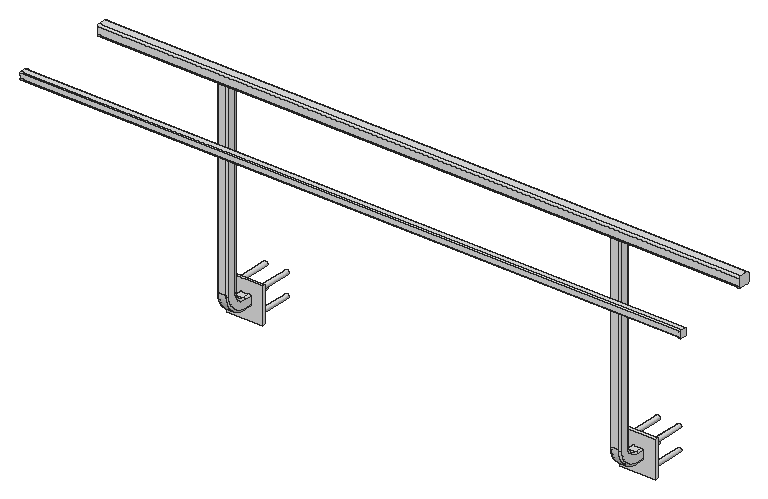
Revit family "AVLN_Ограждение парапета", category Каркас несущий, Revit 2021
Family settings
  Округление длины несущего каркаса = 0 мм
  Форма сечения = Не задано
  Материал для поведения модели = Прочее
  Всегда экспортировать в виде геометрии = Нет
  На основе рабочей плоскости = Нет
  Всегда вертикально = Да
  При загрузке вырезать с полостями = Нет
  Условное обозначение = Из семейства
  Общий = Нет
  Показывать семейство разрезанным на планах = Да
Parameters (values of type "АР_О_Ограждение парапета")
  Шаг гор. труб = 150 mm
  Труба.2_Ширина = 20 mm  # constant formula
  Труба.2_Толщина = 2 mm  # constant formula
  Отступ трубы = 50 mm
  Отступ от стены = 50 mm
  Отступ нижней часта.Справа [instance] = -150 mm
  Отступ нижней часта.Слева [instance] = 200 mm
  Отступ гор. труб = 150 mm
  Материал ограждения парапета = ADSK_RAL9002/9003
  Structural Material [instance] = (empty or 0)
  Количество горизонтальных поручней [instance] = 1
  Количество вертикальных стоек [instance] = 2
  Длина [instance] = 1800 mm
  Труба.1_Ширина = 30 mm  # constant formula
  Труба.1_Толщина = 3 mm  # constant formula
  Пластина_Ширина = 100 mm
  Пластина_Толщина = 8 mm
  Пластина_Длина = 100 mm
  Отступ от пола [instance] = 0 mm
  Отступ крайних стоек [instance] = 350 mm
  Комментарии к типоразмеру = "АР"
  Model = ""
  Высота.2 = 0 mm  # constant formula
  Высота.1 = 600 mm
  Анкер_Длина = 150 mm
  Анкер_Диаметр = 10 mm
  ADSK_Этаж [instance] = ""
  ADSK_Примечание = ""
  ADSK_Обозначение = ""
  ADSK_Номер секции [instance] = ""
  ADSK_Наименование = ""
  ADSK_Марка = "ОГ-11"
Reference planes
  plane 1 "По центру (Вперед/Назад)": y = 0
  plane 2: z = 0
  plane 3 "По центру (Влево/Вправо)": x = 0
  plane 4: y = -50
  plane 5: y = -100
  plane 6: z = 600
  plane 7: z = 600
  plane 8: z = 570
  plane 9: x = -900
  plane 10: x = 900
  plane 11: y = -130
Dimensions and locks
  "Отступ от стены": plane 4 to plane 1 "По центру (Вперед/Назад)"
  "Отступ трубы": plane 4 to plane 5
  "Высота.2": plane 7 to plane 6
  "Высота.1": plane 6 to level
  plane 8 to level = 570 mm
  "Труба.1_Ширина": plane 7 to plane 8
  equal spacing: plane 9, plane 3 "По центру (Влево/Вправо)", plane 10
  "Длина": plane 9 to plane 10
  "Труба.1_Ширина": plane 5 to plane 11
  plane 10 to plane 9 = 1800 mm
  aligned and locked: level to plane 2
  aligned and locked: nested 1 to plane 4
  aligned and locked: plane 3 "По центру (Влево/Вправо)" to nested 1
Nested families
  nested 1: "АР_В_Ограждение парапета" at (0, -115, 0), ADSK_Группирование <- "Комментарии к типоразмеру", ADSK_Номер секции <- "ADSK_Номер секции", ADSK_Этаж <- "ADSK_Этаж", Высота <- "Высота.1", Ширина <- "Длина", ОТ <- "Отступ от пола", ОТ_Крайних стоек <- "Отступ крайних стоек", Т_Толщина <- "Труба.1_Толщина", Т_Ширина <- "Труба.1_Ширина", А1_Диаметр <- "Анкер_Диаметр", А1_Длина <- "Анкер_Длина", А2_Диаметр <- "Анкер_Диаметр", А2_Длина <- "Анкер_Длина", П1_Высота <- "Пластина_Длина", П1_Толщина <- "Пластина_Толщина", П1_Ширина <- "Пластина_Ширина", П2_Высота <- "Пластина_Длина", П2_Толщина <- "Пластина_Толщина", П2_Ширина <- "Пластина_Ширина", КВС <- "Количество вертикальных стоек", Отс.Б.Трубы <- "Отступ трубы", ADSK_Марка <- "ADSK_Марка", ОТ_Гор.труб <- "Отступ гор. труб", Шаг_Гор.труб <- "Шаг гор. труб", Т2_Ширина <- "Труба.2_Ширина", Т2_Толщина <- "Труба.2_Толщина", КГТ <- "Количество горизонтальных поручней", ОТ.НС.Л <- "Отступ нижней часта.Слева", ОТ.НС.П <- "Отступ нижней часта.Справа", Материал ОП <- "Материал ограждения парапета", type "АР_В_Ограждение парапета"
    with Ширина 1800 mm, Шаг_Гор.труб 150 mm, Т_Ширина 30 mm, Т_Толщина 3 mm, Т_Длина крайних стоек 327 mm, Т_Высота стойки 570 mm, Т2_Ширина 20 mm, Т2_Толщина 2 mm, П2_Ширина 100 mm, П2_Толщина 8 mm, П2_Высота 100 mm, П1_Ширина 100 mm, П1_Толщина 8 mm, П1_Высота 100 mm, Отс.Б.Трубы 50 mm, ОТ_Крайних стоек 350 mm, ОТ_Гор.труб 150 mm, ОТ.НЧ.УДЛ.П 650 mm, ОТ.НЧ.УДЛ.Л 300 mm, ОТ.НС.П -150 mm, ОТ.НС.Л 200 mm, ОТ 0 mm, НЧ.Длина 1850 mm, Материал ОП ADSK_RAL9002/9003, КГТ.2 2, КГТ 1, КВС 2, Высота 600 mm, ВИД.2 no, ВИД.1 yes, А2_Длина 150 mm, А2_Диаметр 10 mm, А1_Длина 150 mm, А1_Диаметр 10 mm, ADSK_Этаж "", ADSK_Позиция "", ADSK_Номер секции "", ADSK_Марка "ОГ-11", ADSK_Группирование "АР"
  nested 2: "Труба горизонтальная-ОГП" at (0, -115, 570), type "Труба горизонтальная-ОГП"
    with Ш.трубы 30 mm, Т.Трубы 3 mm, М ADSK_RAL9002/9003, Высота геометрии 1800 mm, ВИД yes, ADSK_Этаж "", ADSK_Размер_Ширина 30 mm, ADSK_Размер_Толщина 3 mm, ADSK_Размер_Длина 1800 mm, ADSK_Размер_Высота 30 mm, ADSK_Позиция "", ADSK_Обозначение "ГОСТ 8639-82", ADSK_Номер секции "", ADSK_Наименование "Труба", ADSK_Масса погонного метра 1.44, ADSK_Масса 2.592, ADSK_Марка "ОГ-11", ADSK_Группирование "АР"
  nested 3: "Труба-ОГП" at (550, -115, 0) x (0, -1, 0) z (0, 0, 1), type "Труба-ОГП"
    with Ш.трубы 30 mm, Т.Трубы 3 mm, ОТС 50 mm, М ADSK_RAL9002/9003, Заглушка низ no, Заглушка верх no, Высота геометрии 570 mm, ADSK_Этаж "", ADSK_Размер_Ширина 30 mm, ADSK_Размер_Толщина 3 mm, ADSK_Размер_Длина 650 mm, ADSK_Размер_Высота 30 mm, ADSK_Позиция "", ADSK_Обозначение "ГОСТ 8639-82", ADSK_Номер секции "", ADSK_Наименование "Труба", ADSK_Масса погонного метра 1.44, ADSK_Масса 0.8208, ADSK_Марка "ОГ-11", ADSK_Группирование "АР"
  nested 4: "Труба-ОГП" at (-550, -115, 0) x (0, -1, 0) z (0, 0, 1), type "Труба-ОГП"
    with Ш.трубы 30 mm, Т.Трубы 3 mm, ОТС 50 mm, М ADSK_RAL9002/9003, Заглушка низ no, Заглушка верх no, Высота геометрии 570 mm, ADSK_Этаж "", ADSK_Размер_Ширина 30 mm, ADSK_Размер_Толщина 3 mm, ADSK_Размер_Длина 650 mm, ADSK_Размер_Высота 30 mm, ADSK_Позиция "", ADSK_Обозначение "ГОСТ 8639-82", ADSK_Номер секции "", ADSK_Наименование "Труба", ADSK_Масса погонного метра 1.44, ADSK_Масса 0.8208, ADSK_Марка "ОГ-11", ADSK_Группирование "АР"
  nested 5: "Анкер-шуруп Hilti HUS3-ОГП" at (520, -42, -30) x (0, 1, 0) z (0, 0, -1), type "Анкер-шуруп Hilti HUS3-ОГП"
    with Этаж 0, М ADSK_RAL9002/9003, Длина 100 mm, ADSK_Этаж "", ADSK_Номер секции "", ADSK_Марка "ОГ-11", ADSK_Группирование "АР"
  nested 6: "Анкер-шуруп Hilti HUS3-ОГП" at (580, -42, -30) x (0, 1, 0) z (0, 0, -1), type "Анкер-шуруп Hilti HUS3-ОГП"
    with Этаж 0, М ADSK_RAL9002/9003, Длина 100 mm, ADSK_Этаж "", ADSK_Номер секции "", ADSK_Марка "ОГ-11", ADSK_Группирование "АР"
  nested 7: "Анкер-шуруп Hilti HUS3-ОГП" at (580, -42, 30) x (0, 1, 0) z (0, 0, -1), type "Анкер-шуруп Hilti HUS3-ОГП"
    with Этаж 0, М ADSK_RAL9002/9003, Длина 100 mm, ADSK_Этаж "", ADSK_Номер секции "", ADSK_Марка "ОГ-11", ADSK_Группирование "АР"
  nested 8: "Анкер-шуруп Hilti HUS3-ОГП" at (520, -42, 30) x (0, 1, 0) z (0, 0, -1), type "Анкер-шуруп Hilti HUS3-ОГП"
    with Этаж 0, М ADSK_RAL9002/9003, Длина 100 mm, ADSK_Этаж "", ADSK_Номер секции "", ADSK_Марка "ОГ-11", ADSK_Группирование "АР"
  nested 9: "Опорная пластина-ОГП" at (550, -50, 0) x (1, 0, 0) z (0, 1, 0), type "Опорная пластина-ОГП"
    with Ширина 100 mm, Толщина 8 mm, М ADSK_RAL9002/9003, Высота 100 mm, ADSK_Этаж "", ADSK_Размер_Ширина 100 mm, ADSK_Размер_Толщина 8 mm, ADSK_Размер_Высота 100 mm, ADSK_Позиция "", ADSK_Обозначение "ГОСТ 19903-74", ADSK_Номер секции "", ADSK_Наименование "Лист", ADSK_Масса погонного метра 78.5, ADSK_Масса 0.785, ADSK_Марка "ОГ-11", ADSK_Группирование "АР"
  nested 10: "Анкер-шуруп Hilti HUS3-ОГП" at (-580, -42, -30) x (0, 1, 0) z (0, 0, -1), type "Анкер-шуруп Hilti HUS3-ОГП"
    with Этаж 0, М ADSK_RAL9002/9003, Длина 100 mm, ADSK_Этаж "", ADSK_Номер секции "", ADSK_Марка "ОГ-11", ADSK_Группирование "АР"
  nested 11: "Анкер-шуруп Hilti HUS3-ОГП" at (-520, -42, -30) x (0, 1, 0) z (0, 0, -1), type "Анкер-шуруп Hilti HUS3-ОГП"
    with Этаж 0, М ADSK_RAL9002/9003, Длина 100 mm, ADSK_Этаж "", ADSK_Номер секции "", ADSK_Марка "ОГ-11", ADSK_Группирование "АР"
  nested 12: "Анкер-шуруп Hilti HUS3-ОГП" at (-520, -42, 30) x (0, 1, 0) z (0, 0, -1), type "Анкер-шуруп Hilti HUS3-ОГП"
    with Этаж 0, М ADSK_RAL9002/9003, Длина 100 mm, ADSK_Этаж "", ADSK_Номер секции "", ADSK_Марка "ОГ-11", ADSK_Группирование "АР"
  nested 13: "Анкер-шуруп Hilti HUS3-ОГП" at (-580, -42, 30) x (0, 1, 0) z (0, 0, -1), type "Анкер-шуруп Hilti HUS3-ОГП"
    with Этаж 0, М ADSK_RAL9002/9003, Длина 100 mm, ADSK_Этаж "", ADSK_Номер секции "", ADSK_Марка "ОГ-11", ADSK_Группирование "АР"
  nested 14: "Опорная пластина-ОГП" at (-550, -50, 0) x (1, 0, 0) z (0, 1, 0), type "Опорная пластина-ОГП"
    with Ширина 100 mm, Толщина 8 mm, М ADSK_RAL9002/9003, Высота 100 mm, ADSK_Этаж "", ADSK_Размер_Ширина 100 mm, ADSK_Размер_Толщина 8 mm, ADSK_Размер_Высота 100 mm, ADSK_Позиция "", ADSK_Обозначение "ГОСТ 19903-74", ADSK_Номер секции "", ADSK_Наименование "Лист", ADSK_Масса погонного метра 78.5, ADSK_Масса 0.785, ADSK_Марка "ОГ-11", ADSK_Группирование "АР"
  nested 15: "Труба горизонтальная-ОГП" at (-175, -140, 400), type "Труба горизонтальная-ОГП"
    with Ш.трубы 20 mm, Т.Трубы 2 mm, М ADSK_RAL9002/9003, Высота геометрии 1850 mm, ВИД yes, ADSK_Этаж "", ADSK_Размер_Ширина 20 mm, ADSK_Размер_Толщина 2 mm, ADSK_Размер_Длина 1850 mm, ADSK_Размер_Высота 20 mm, ADSK_Позиция "1", ADSK_Обозначение "ГОСТ 8639-82", ADSK_Номер секции "", ADSK_Наименование "Труба", ADSK_Масса погонного метра 1.44, ADSK_Масса 2.664, ADSK_Марка "ОГ-11", ADSK_Группирование "АР"
Definition of nested family "Труба горизонтальная-ОГП"
  Parameters (values of type "Труба горизонтальная-ОГП")
    Ширина геометрии = 25 mm
    Ш.трубы [instance] = 40 mm
    Т.Трубы [instance] = 3 mm
    Страна изготовления = ""
    Default Elevation = 1219.2 mm
    Масса = 1.525 kg
    М [instance] = none
    Копирайт = ""
    Model = "Элемент ограждения парапета"  # constant formula
    Глубина геометрии = 25 mm
    Высота геометрии [instance] = 454 mm
    ВИД [instance] = yes
    URL (Производитель) = ""
    URL (Магазин) = ""
    ADSK_Этаж [instance] = ""
    ADSK_Размер_Ширина [instance] = Ш.трубы  # 40 mm
    ADSK_Размер_Толщина [instance] = Т.Трубы  # 3 mm
    ADSK_Размер_Длина [instance] = Высота геометрии  # 454 mm
    ADSK_Размер_Высота [instance] = Ш.трубы  # 40 mm
    ADSK_Позиция [instance] = "1"
    ADSK_Обозначение [instance] = "ГОСТ 8639-82"  # constant formula
    ADSK_Номер секции [instance] = ""
    ADSK_Наименование [instance] = "Труба"  # constant formula
    ADSK_Масса погонного метра [instance] = 3.36
    ADSK_Масса [instance] = (ADSK_Масса погонного метра * Высота геометрии) / 1000 mm  # 1.5254
    ADSK_Марка [instance] = ""
    ADSK_Группирование [instance] = ""
  Reference planes
    plane 1 "По центру (Вперед/Назад)": y = 0
    plane 2: z = 0
    plane 3 "По центру (Влево/Вправо)": x = 0
    plane 4: x = 227
    plane 5: x = -227
    plane 6: y = -20
    plane 7: y = 20
    plane 8: z = 40
    plane 9: z = 20
  Forms (mm)
    Sweep 1, solid, material <- "М", visible <- "ВИД"
      path origin (0, 0, 0) x (1, 0, 0) y (0, 0, 1)
        loop
          line (-227, 20) -> (227, 20)
      profile "Труба квадратная : 20х20х2" origin (0, 0, 20) x (0, 0, 1) y (0, -1, 0)
        loop
          arc (-15.5, 20) -> (-18.682, 18.682) -> (-20, 15.5) r 4.5
          line (-20, 15.5) -> (-20, -15.5)
          arc (-20, -15.5) -> (-18.682, -18.682) -> (-15.5, -20) r 4.5
          line (-15.5, -20) -> (15.5, -20)
          arc (15.5, -20) -> (18.682, -18.682) -> (20, -15.5) r 4.5
          line (20, -15.5) -> (20, 15.5)
          arc (20, 15.5) -> (18.682, 18.682) -> (15.5, 20) r 4.5
          line (15.5, 20) -> (-15.5, 20)
  Dimensions and locks
    equal spacing: plane 7, plane 1 "По центру (Вперед/Назад)", plane 6
    "Ш.трубы": plane 7 to plane 6
    equal spacing: plane 5, plane 3 "По центру (Влево/Вправо)", plane 4
    "Высота геометрии": plane 5 to plane 4
    "Ш.трубы": plane 8 to level
    equal spacing: plane 8, plane 9, level
    aligned and locked: level to plane 2
    aligned and locked: Sweep 1 sketch curve to plane 9
    aligned and locked: plane 5 to Sweep 1 sketch curve
    aligned and locked: plane 4 to Sweep 1 sketch curve
Definition of nested family "Труба-ОГП"
  Parameters (values of type "Труба-ОГП")
    Ширина геометрии = 25 mm
    Ш.трубы [instance] = 40 mm
    Т.Трубы [instance] = 3 mm
    Страна изготовления = ""
    ОТС [instance] = 180.623 mm
    Масса = 0.00 kg
    М.заглушки = none
    М [instance] = none
    Копирайт = ""
    Заглушка низ [instance] = 1 = 0  # no
    Заглушка верх [instance] = 1 = 0  # no
    Model = "Элемент ограждения парапета"  # constant formula
    Глубина геометрии = 25 mm
    Высота геометрии [instance] = 454 mm
    URL (Производитель) = ""
    URL (Магазин) = ""
    ADSK_Этаж [instance] = ""
    ADSK_Размер_Ширина [instance] = Ш.трубы  # 40 mm
    ADSK_Размер_Толщина [instance] = Т.Трубы  # 3 mm
    ADSK_Размер_Длина [instance] = Высота геометрии + ОТС + Ш.трубы  # 674.623 mm
    ADSK_Размер_Высота [instance] = Ш.трубы  # 40 mm
    ADSK_Позиция [instance] = ""
    ADSK_Обозначение [instance] = "ГОСТ 8639-82"  # constant formula
    ADSK_Номер секции [instance] = ""
    ADSK_Наименование [instance] = "Труба"  # constant formula
    ADSK_Масса погонного метра [instance] = 3.36
    ADSK_Масса [instance] = (ADSK_Масса погонного метра * Высота геометрии) / 1000 mm  # 1.5254
    ADSK_Марка [instance] = ""
    ADSK_Группирование [instance] = ""
  Reference planes
    plane 1 "По центру (Вперед/Назад)": y = 0
    plane 2: z = 0
    plane 3 "По центру (Влево/Вправо)": x = 0
    plane 4: x = 20
    plane 5: x = -20
    plane 6: y = -20
    plane 7: y = 20
    plane 8: z = 454
    plane 9: z = 227
    plane 10: x = -200.623
  Forms (mm)
    Sweep 1, solid, material <- "М"
      path origin (0, 0, 0) x (1, 0, 0) y (0, 0, 1)
        loop
          line (0, 454) -> (0, 50)
          arc (0, 50) -> (-14.645, 14.645) -> (-50, 0) r 50
          line (-50, 0) -> (-200.623, 0)
      profile "Труба квадратная : 40х40х3" origin (0, 0, 252) x (1, 0, 0) y (0, -1, 0)
        loop
          arc (-15.5, 20) -> (-18.682, 18.682) -> (-20, 15.5) r 4.5
          line (-20, 15.5) -> (-20, -15.5)
          arc (-20, -15.5) -> (-18.682, -18.682) -> (-15.5, -20) r 4.5
          line (-15.5, -20) -> (15.5, -20)
          arc (15.5, -20) -> (18.682, -18.682) -> (20, -15.5) r 4.5
          line (20, -15.5) -> (20, 15.5)
          arc (20, 15.5) -> (18.682, 18.682) -> (15.5, 20) r 4.5
          line (15.5, 20) -> (-15.5, 20)
  Dimensions and locks
    equal spacing: plane 7, plane 1 "По центру (Вперед/Назад)", plane 6
    "Ш.трубы": plane 7 to plane 6
    equal spacing: plane 5, plane 3 "По центру (Влево/Вправо)", plane 4
    "Ш.трубы": plane 5 to plane 4
    "Высота геометрии": plane 8 to level
    equal spacing: plane 8, plane 9, level
    "ОТС": plane 5 to plane 10
    aligned and locked: level to plane 2
    aligned and locked: Sweep 1 sketch curve to plane 3 "По центру (Влево/Вправо)"
    aligned and locked: plane 8 to Sweep 1 sketch curve
    aligned and locked: plane 10 to Sweep 1 sketch curve
  Automatic sketch dimensions
    Sweep 1 sketch curve to level = 0 mm
    plane 5 to Sweep 1 sketch curve = 30 mm
Definition of nested family "Анкер-шуруп Hilti HUS3-ОГП"
  Parameters (values of type "Анкер-шуруп Hilti HUS3-ОГП")
    Этаж [instance] = 0
    Ш = 1040 mm
    Default Elevation = 1219.2 mm
    М [instance] = none
    Type Comments = "3"
    Длина [instance] = 100 mm
    Model = "Элемент ограждения парапета"  # constant formula
    Di = 25 mm
    ADSK_Этаж [instance] = ""
    ADSK_Обозначение = ""  # constant formula
    ADSK_Номер секции [instance] = ""
    ADSK_Наименование краткое = "Анкер-шуруп Hilti HUS3"  # constant formula
    ADSK_Наименование = "Анкер-шуруп Hilti HUS3"  # constant formula
    ADSK_Марка изделия = "Крепежные элементы"  # constant formula
    ADSK_Марка [instance] = ""
    ADSK_Группирование [instance] = ""
  Reference planes
    plane 1 "По центру (Вперед/Назад)": y = 0
    plane 2: z = 0
    plane 3 "По центру (Влево/Вправо)": x = 0
    plane 4: z = 12.5
    plane 5: z = -12.5
    plane 6: x = -3
    plane 7: z = 6
    plane 8: z = -6
    plane 9: x = 100
  Forms (mm)
    Revolve 1, solid, material <- "М"
      sketch origin (0, 0, 0) x (1, 0, 0) y (0, 0, 1)
        loop
          line (0, 6) -> (0, 0) -> (100, 0) -> (100, 6) -> (0, 6)
        axis (100, 0) -> (0, 0)
      angle from 0 to 360
  Lines and regions (mm)
    symbolic lines
      curve 1: line (0, 0, 6) -> (0, 0, -6)
      curve 2: line (0, 0, 6) -> (100, 0, 6)
      curve 3: line (100, 0, 6) -> (100, 0, -6)
      curve 4: line (100, 0, -6) -> (0, 0, -6)
  Dimensions and locks
    equal spacing: plane 4, level, plane 5
    "Di": plane 4 to plane 5
    plane 3 "По центру (Влево/Вправо)" to plane 6 = 3 mm
    "Длина": plane 9 to plane 3 "По центру (Влево/Вправо)"
    equal spacing: plane 7, level, plane 8
    plane 7 to plane 8 = 12 mm
    aligned and locked: level to plane 2
  Automatic sketch dimensions
    Revolve 1 sketch curve to level = 0 mm  (x2)
    Revolve 1 sketch curve to plane 9 = 0 mm
    Revolve 1 sketch curve to plane 7 = 0 mm
    Revolve 1 sketch curve to plane 6 = 8.541 mm
    Revolve 1 sketch curve to Revolve 1 sketch curve = 4.443 mm
    Revolve 1 sketch curve to plane 3 "По центру (Влево/Вправо)" = 0 mm
    curve 1 to plane 3 "По центру (Влево/Вправо)" = 0 mm
    curve 2 to plane 9 = 0 mm
    curve 4 to plane 8 = 0 mm
    curve 1 to plane 7 = 0 mm
Definition of nested family "Опорная пластина-ОГП"
  Parameters (values of type "Опорная пластина-ОГП")
    Ширина [instance] = 80 mm
    Толщина [instance] = 10 mm
    Default Elevation = 1219.2 mm
    О.отверстий = 20 mm
    М [instance] = none
    Model = "Элемент ограждения парапета"  # constant formula
    Высота [instance] = 120 mm
    D.отв. = 10 mm
    ADSK_Этаж [instance] = ""
    ADSK_Размер_Ширина [instance] = Ширина  # 80 mm
    ADSK_Размер_Толщина [instance] = Толщина  # 10 mm
    ADSK_Размер_Высота [instance] = Высота  # 120 mm
    ADSK_Позиция [instance] = ""
    ADSK_Обозначение [instance] = "ГОСТ 19903-74"  # constant formula
    ADSK_Номер секции [instance] = ""
    ADSK_Наименование [instance] = "Лист"  # constant formula
    ADSK_Материал обозначение = "С245 ГОСТ 27772-88*"  # constant formula
    ADSK_Масса погонного метра [instance] = 78.5
    ADSK_Масса [instance] = ADSK_Масса погонного метра * (Высота * Ширина) / 1.00 m²  # 0.7536
    ADSK_Марка [instance] = ""
    ADSK_Группирование [instance] = ""
  Reference planes
    plane 1 "По центру (Вперед/Назад)": y = 0
    plane 2: z = 0
    plane 3 "По центру (Влево/Вправо)": x = 0
    plane 4: x = -40
    plane 5: y = -60
    plane 6: y = 60
    plane 7: x = 40
    plane 8: z = 10
    plane 9: x = -20
    plane 10: x = 20
    plane 11: y = -40
    plane 12: y = 40
  Forms (mm)
    Extrusion 1, solid
      sketch origin (0, 0, 0) x (1, 0, 0) y (0, 1, 0)
        loop
          line (-1219.2, 1219.2) -> (-1219.2, -1219.2) -> (1219.2, -1219.2) -> (1219.2, 1219.2) -> (-1219.2, 1219.2)
      from 0 to -304.8
    Extrusion 2, solid, material <- "М"
      sketch origin (0, 0, 0) x (1, 0, 0) y (0, 1, 0)
        loop
          line (-40, 60) -> (-40, -60) -> (40, -60) -> (40, 60) -> (-40, 60)
      from 0 to 10
  Dimensions and locks
    equal spacing: plane 4, plane 3 "По центру (Влево/Вправо)", plane 7
    equal spacing: plane 6, plane 1 "По центру (Вперед/Назад)", plane 5
    "Ширина": plane 4 to plane 7
    "Высота": plane 5 to plane 6
    "Толщина": plane 8 to plane 2
    "О.отверстий": plane 4 to plane 9
    "О.отверстий": plane 10 to plane 7
    "О.отверстий": plane 12 to plane 6
    "О.отверстий": plane 11 to plane 5
    aligned and locked: plane 2 to Extrusion 1
    aligned and locked: level to Extrusion 1
    aligned and locked: Extrusion 2 sketch curve to plane 4
    aligned and locked: plane 7 to Extrusion 2 sketch curve
    aligned and locked: plane 6 to Extrusion 2 sketch curve
    aligned and locked: Extrusion 2 sketch curve to plane 5
    aligned and locked: plane 8 to Extrusion 2
  Automatic sketch dimensions
    Extrusion 1 sketch curve to Extrusion 1 sketch curve = 2438.4 mm  (x2)
Definition of nested family "АР_В_Ограждение парапета"
  Parameters (values of type "АР_В_Ограждение парапета")
    Ширина [instance] = 1500 mm
    Шаг_Гор.труб [instance] = 150 mm
    Т_Ширина [instance] = 30 mm
    Т_Толщина [instance] = 3 mm
    Т_Длина крайних стоек [instance] = ОТ_Крайних стоек - Т_Ширина / 2 - П1_Толщина  # 280 mm
    Т_Высота стойки [instance] = Высота - Т_Ширина  # 1170 mm
    Т2_Ширина [instance] = 20 mm
    Т2_Толщина [instance] = 2 mm
    ПГП = no
    ПГЛ = no
    ПБП = no
    ПБЛ = no
    П2_Ширина [instance] = 150 mm
    П2_Толщина [instance] = 5 mm
    П2_Высота [instance] = 150 mm
    П1_Ширина [instance] = 150 mm
    П1_Толщина [instance] = 5 mm
    П1_Высота [instance] = 150 mm
    Отс.Б.Трубы [instance] = 150 mm
    ОТ_Крайних стоек [instance] = 300 mm
    ОТ_Гор.труб [instance] = 300 mm
    ОТ.НЧ.УДЛ.П [instance] = 500 mm - ОТ.НС.П  # 250 mm
    ОТ.НЧ.УДЛ.Л [instance] = 500 mm - ОТ.НС.Л  # 350 mm
    ОТ.НС.П [instance] = 250 mm
    ОТ.НС.Л [instance] = 150 mm
    ОТ [instance] = 0 mm
    НЧ.Длина [instance] = Ширина + ОТ.НС.Л + ОТ.НС.П  # 1900 mm
    Материал ОП [instance] = none
    КГТ.2 [instance] = if(КГТ < 2, 2, КГТ)  # 4
    КГТ [instance] = 4
    КВС [instance] = 4
    Model = "Ограждение парапета"  # constant formula
    Высота [instance] = 1200 mm
    ВИД.2 [instance] = КГТ > 1  # yes
    ВИД.1 [instance] = КГТ < 2  # no
    А2_Длина [instance] = 150 mm
    А2_Диаметр [instance] = 10 mm
    А1_Длина [instance] = 100 mm
    А1_Диаметр [instance] = 12 mm
    ADSK_Этаж [instance] = ""
    ADSK_Позиция [instance] = ""
    ADSK_Номер секции [instance] = ""
    ADSK_Марка [instance] = ""
    ADSK_Группирование [instance] = ""
  Reference planes
    plane 1 "По центру (Вперед/Назад)": y = 0
    plane 2: z = 0
    plane 3 "По центру (Влево/Вправо)": x = 0
    plane 4 "ПЛ2": x = -750
    plane 5 "ПП2": x = 750
    plane 6 "П_Н": z = 0
    plane 7: z = 1200
    plane 8: y = 170
    plane 9 "П_Л": x = -745
    plane 10 "П_П": x = 745
    plane 11: z = 1170
    plane 12 "П.НИЗ": z = 5
    plane 13: x = -450
    plane 14: x = 450
    plane 15: z = 1185
    plane 16: x = 605
    plane 17: x = -465
    plane 18: x = -435
    plane 19: x = 435
    plane 20: x = 465
    plane 21 "БП": y = 165
    plane 22: y = 15
    plane 23: y = -15
    plane 24: z = 870
    plane 25: z = 860
    plane 26: z = 850
    plane 27: z = 700
    plane 28: z = 690
    plane 29: z = 680
    plane 30: y = -35
    plane 31: y = -25
    plane 32: x = -900
    plane 33: x = 1000
    plane 34: x = 50
    plane 35: x = -1750
    plane 36: x = -1250
    plane 37: x = 1750
    plane 38: x = 1250
  Dimensions and locks
    equal spacing: plane 4 "ПЛ2", plane 3 "По центру (Влево/Вправо)", plane 5 "ПП2"
    "Ширина": plane 4 "ПЛ2" to plane 5 "ПП2"
    "ОТ": plane 6 "П_Н" to level
    "П1_Толщина": plane 8 to plane 21 "БП"
    "П1_Толщина": plane 4 "ПЛ2" to plane 9 "П_Л"
    "П1_Толщина": plane 10 "П_П" to plane 5 "ПП2"
    "Т_Ширина": plane 7 to plane 11
    "Высота": plane 7 to plane 6 "П_Н"
    "П1_Толщина": plane 12 "П.НИЗ" to plane 6 "П_Н"
    plane 11 to plane 12 "П.НИЗ" = 1165 mm
    "ОТ_Крайних стоек": plane 13 to plane 4 "ПЛ2"
    "ОТ_Крайних стоек": plane 14 to plane 5 "ПП2"
    equal spacing: plane 7, plane 15, plane 11
    equal spacing: plane 18, plane 13, plane 17
    "Т_Ширина": plane 18 to plane 17
    equal spacing: plane 10 "П_П", plane 16, plane 20
    equal spacing: plane 20, plane 14, plane 19
    "Т_Ширина": plane 20 to plane 19
    equal spacing: group 1, group 6, group 7, group 2  (x3)
    equal spacing: group 3, group 5, group 8, group 4  (x3)
    "Отс.Б.Трубы": plane 22 to plane 21 "БП"
    equal spacing: plane 23, plane 1 "По центру (Вперед/Назад)", plane 22
    "Т_Ширина": plane 22 to plane 23
    equal spacing: plane 24, plane 25, plane 26
    "Т2_Ширина": plane 24 to plane 26
    "ОТ_Гор.труб": plane 11 to plane 24
    equal spacing: group 9, group 10, group 11, group 12  (x2)
    equal spacing: group 12, group 11, group 10, group 9
    equal spacing: plane 27, plane 28, plane 29
    "Т2_Ширина": plane 27 to plane 29
    "Шаг_Гор.труб": plane 26 to plane 27
    equal spacing: plane 30, plane 31, plane 23
    "Т2_Ширина": plane 30 to plane 23
    "ОТ.НЧ.УДЛ.Л": plane 32 to plane 36
    "ОТ.НЧ.УДЛ.П": plane 33 to plane 38
    equal spacing: plane 33, plane 34, plane 32
    locked: plane 4 "ПЛ2" to plane 35 at 1000
    locked: plane 36 to plane 35 at 500
    locked: plane 5 "ПП2" to plane 37 at 1000
    locked: plane 38 to plane 37 at 500
    aligned and locked: level to plane 2
    aligned and locked: plane 1 "По центру (Вперед/Назад)" to nested 2
    aligned and locked: plane 3 "По центру (Влево/Вправо)" to nested 2
    aligned and locked: plane 15 to nested 2
    aligned and locked: nested 3 to plane 1 "По центру (Вперед/Назад)"
    aligned and locked: nested 5 to plane 1 "По центру (Вперед/Назад)"
    aligned and locked: nested 4 to plane 1 "По центру (Вперед/Назад)"
    aligned and locked: nested 6 to plane 1 "По центру (Вперед/Назад)"
    aligned and locked: nested 1 to plane 13
    aligned and locked: plane 14 to nested 7
    aligned and locked: plane 1 "По центру (Вперед/Назад)" to nested 1
    aligned and locked: plane 1 "По центру (Вперед/Назад)" to nested 7
    aligned and locked: level to nested 1
    aligned and locked: level to nested 7
    aligned and locked: plane 13 to nested 15
    aligned and locked: nested 15 to level
    aligned and locked: nested 21 to plane 14
    aligned and locked: nested 9 to level
    aligned and locked: plane 25 to nested 34
    aligned and locked: plane 28 to nested 35
    aligned and locked: plane 25 to nested 36
    aligned and locked: plane 31 to nested 36
    aligned and locked: plane 31 to nested 34
    aligned and locked: plane 31 to nested 35
    aligned and locked: plane 34 to nested 34
    aligned and locked: plane 34 to nested 35
    aligned and locked: plane 34 to nested 36
    aligned and locked: nested 16 to plane 21 "БП"
    aligned and locked: nested 10 to plane 21 "БП"
    aligned and locked: nested 29 to plane 21 "БП"
    aligned and locked: nested 22 to plane 21 "БП"
    aligned and locked: plane 21 "БП" to nested 16
    aligned and locked: plane 21 "БП" to nested 10
    aligned and locked: plane 21 "БП" to nested 29
    aligned and locked: plane 21 "БП" to nested 22
  Nested families
    nested 1: "Труба-ОГП" at (-450, 0, 0) x (0, -1, 0) z (0, 0, 1), ADSK_Номер секции <- "ADSK_Номер секции", ADSK_Группирование <- "ADSK_Группирование", ADSK_Этаж <- "ADSK_Этаж", Высота геометрии <- "Т_Высота стойки", Ш.трубы <- "Т_Ширина", Т.Трубы <- "Т_Толщина", ОТС <- "Отс.Б.Трубы", ADSK_Марка <- "ADSK_Марка", М <- "Материал ОП", ADSK_Позиция <- "ADSK_Позиция", type "Труба-ОГП"
      with Ш.трубы 30 mm, Т.Трубы 3 mm, ОТС 150 mm, М none, Заглушка низ no, Заглушка верх no, Высота геометрии 1170 mm, ADSK_Этаж "", ADSK_Размер_Ширина 30 mm, ADSK_Размер_Толщина 3 mm, ADSK_Размер_Длина 1350 mm, ADSK_Размер_Высота 30 mm, ADSK_Позиция "", ADSK_Обозначение "ГОСТ 8639-82", ADSK_Номер секции "", ADSK_Наименование "Труба", ADSK_Масса погонного метра 1.44, ADSK_Масса 1.6848, ADSK_Марка "", ADSK_Группирование ""
    nested 2: "Труба горизонтальная-ОГП" at (0, 0, 1170), Высота геометрии <- "Ширина", Т.Трубы <- "Т_Толщина", Ш.трубы <- "Т_Ширина", ADSK_Группирование <- "ADSK_Группирование", ADSK_Номер секции <- "ADSK_Номер секции", ADSK_Этаж <- "ADSK_Этаж", ADSK_Марка <- "ADSK_Марка", М <- "Материал ОП", ADSK_Позиция <- "ADSK_Позиция", type "Труба горизонтальная-ОГП"
      with Ш.трубы 30 mm, Т.Трубы 3 mm, М none, Высота геометрии 1500 mm, ВИД yes, ADSK_Этаж "", ADSK_Размер_Ширина 30 mm, ADSK_Размер_Толщина 3 mm, ADSK_Размер_Длина 1500 mm, ADSK_Размер_Высота 30 mm, ADSK_Позиция "", ADSK_Обозначение "ГОСТ 8639-82", ADSK_Номер секции "", ADSK_Наименование "Труба", ADSK_Масса погонного метра 1.44, ADSK_Масса 2.16, ADSK_Марка "", ADSK_Группирование ""
    nested 3: "Пластина для ГБЗ" at (-750, 0, 587.5) x (0, 1, 0) z (1, 0, 0), Диаметр анкера <- "А2_Диаметр", Длина Анкера <- "А2_Длина", Высота <- "П2_Высота", Толщина <- "П2_Толщина", Ширина <- "П2_Ширина", Дюбеля <- "ПГЛ", Пластина для ГБЗ <- "ПГЛ", type "Пластина для ГБЗ"
      with Ширина 150 mm, Толщина 5 mm, Пластина для ГБЗ no, Дюбеля no, Длина Анкера 150 mm, Диаметр анкера 10 mm, Высота 150 mm, ADSK_Этаж "", ADSK_Номер секции "", ADSK_Марка "", ADSK_Группирование ""
    nested 4: "Пластина для ГБЗ" at (750, 0, 587.5) x (0, 1, 0) z (-1, 0, 0), Высота <- "П2_Высота", Диаметр анкера <- "А2_Диаметр", Длина Анкера <- "А2_Длина", Толщина <- "П2_Толщина", Ширина <- "П2_Ширина", Дюбеля <- "ПГП", Пластина для ГБЗ <- "ПГП", type "Пластина для ГБЗ"
      with Ширина 150 mm, Толщина 5 mm, Пластина для ГБЗ no, Дюбеля no, Длина Анкера 150 mm, Диаметр анкера 10 mm, Высота 150 mm, ADSK_Этаж "", ADSK_Номер секции "", ADSK_Марка "", ADSK_Группирование ""
    nested 5: "Пластина с ДБ" at (-745, 0, 587.5) x (0, 1, 0) z (1, 0, 0), Высота <- "П1_Высота", Диаметр анкера <- "А1_Диаметр", Длина Анкера <- "А1_Длина", Толщина <- "П1_Толщина", Ширина <- "П1_Ширина", Дюбеля <- "ПБЛ", Пластина для ГБЗ <- "ПБЛ", type "Пластина с ДБ"
      with Ширина 150 mm, Толщина 5 mm, Пластина для ГБЗ no, Дюбеля no, Длина Анкера 100 mm, Диаметр анкера 12 mm, Высота 150 mm, ADSK_Этаж "", ADSK_Номер секции "", ADSK_Группирование ""
    nested 6: "Пластина с ДБ" at (745, 0, 587.5) x (0, 1, 0) z (-1, 0, 0), Высота <- "П1_Высота", Диаметр анкера <- "А1_Диаметр", Длина Анкера <- "А1_Длина", Толщина <- "П1_Толщина", Ширина <- "П1_Ширина", Дюбеля <- "ПБП", Пластина для ГБЗ <- "ПБП", type "Пластина с ДБ"
      with Ширина 150 mm, Толщина 5 mm, Пластина для ГБЗ no, Дюбеля no, Длина Анкера 100 mm, Диаметр анкера 12 mm, Высота 150 mm, ADSK_Этаж "", ADSK_Номер секции "", ADSK_Группирование ""
    nested 7: "Труба-ОГП" at (450, 0, 0) x (0, -1, 0) z (0, 0, 1), ADSK_Номер секции <- "ADSK_Номер секции", ADSK_Группирование <- "ADSK_Группирование", ADSK_Этаж <- "ADSK_Этаж", Высота геометрии <- "Т_Высота стойки", Ш.трубы <- "Т_Ширина", Т.Трубы <- "Т_Толщина", ОТС <- "Отс.Б.Трубы", ADSK_Марка <- "ADSK_Марка", М <- "Материал ОП", ADSK_Позиция <- "ADSK_Позиция", type "Труба-ОГП"
      with Ш.трубы 30 mm, Т.Трубы 3 mm, ОТС 150 mm, М none, Заглушка низ no, Заглушка верх no, Высота геометрии 1170 mm, ADSK_Этаж "", ADSK_Размер_Ширина 30 mm, ADSK_Размер_Толщина 3 mm, ADSK_Размер_Длина 1350 mm, ADSK_Размер_Высота 30 mm, ADSK_Позиция "", ADSK_Обозначение "ГОСТ 8639-82", ADSK_Номер секции "", ADSK_Наименование "Труба", ADSK_Масса погонного метра 1.44, ADSK_Масса 1.6848, ADSK_Марка "", ADSK_Группирование ""
    nested 8: "Труба-ОГП" at (-150, 0, 0) x (0, -1, 0) z (0, 0, 1), ADSK_Номер секции <- "ADSK_Номер секции", ADSK_Группирование <- "ADSK_Группирование", ADSK_Этаж <- "ADSK_Этаж", Высота геометрии <- "Т_Высота стойки", Ш.трубы <- "Т_Ширина", Т.Трубы <- "Т_Толщина", ОТС <- "Отс.Б.Трубы", ADSK_Марка <- "ADSK_Марка", М <- "Материал ОП", ADSK_Позиция <- "ADSK_Позиция", type "Труба-ОГП"
      with Ш.трубы 30 mm, Т.Трубы 3 mm, ОТС 150 mm, М none, Заглушка низ no, Заглушка верх no, Высота геометрии 1170 mm, ADSK_Этаж "", ADSK_Размер_Ширина 30 mm, ADSK_Размер_Толщина 3 mm, ADSK_Размер_Длина 1350 mm, ADSK_Размер_Высота 30 mm, ADSK_Позиция "", ADSK_Обозначение "ГОСТ 8639-82", ADSK_Номер секции "", ADSK_Наименование "Труба", ADSK_Масса погонного метра 1.44, ADSK_Масса 1.6848, ADSK_Марка "", ADSK_Группирование ""
    nested 9: "Пластина для ГБЗ" at (-150, 165, 0) x (1, 0, 0) z (0, -1, 0), Высота <- "П2_Высота", Диаметр анкера <- "А2_Диаметр", Длина Анкера <- "А2_Длина", Толщина <- "П2_Толщина", Ширина <- "П2_Ширина", ADSK_Группирование <- "ADSK_Группирование", ADSK_Номер секции <- "ADSK_Номер секции", ADSK_Этаж <- "ADSK_Этаж", ADSK_Марка <- "ADSK_Марка", М <- "Материал ОП", ADSK_Позиция <- "ADSK_Позиция", type "Пластина для ГБЗ"
      with Ширина 150 mm, Толщина 5 mm, Пластина для ГБЗ yes, М none, Дюбеля yes, Длина Анкера 150 mm, Диаметр анкера 10 mm, Высота 150 mm, ADSK_Этаж "", ADSK_Позиция "", ADSK_Номер секции "", ADSK_Марка "", ADSK_Группирование ""
    nested 10: "Опорная пластина-ОГП" at (-150, 165, 0) x (1, 0, 0) z (0, 1, 0), type "Опорная пластина-ОГП"
      with Ширина 150 mm, Толщина 5 mm, М none, Высота 150 mm, ADSK_Этаж "", ADSK_Размер_Ширина 150 mm, ADSK_Размер_Толщина 5 mm, ADSK_Размер_Высота 150 mm, ADSK_Позиция "", ADSK_Обозначение "ГОСТ 19903-74", ADSK_Номер секции "", ADSK_Наименование "Лист", ADSK_Масса погонного метра 78.5, ADSK_Масса 1.7663, ADSK_Марка "", ADSK_Группирование ""
    nested 11: "Анкер-шуруп Hilti HUS3-ОГП" at (-205, 170, 55) x (0, 1, 0) z (0, 0, -1), type "Анкер-шуруп Hilti HUS3-ОГП"
      with Этаж 0, М none, Длина 103 mm, ADSK_Этаж "", ADSK_Номер секции "", ADSK_Марка "", ADSK_Группирование ""
    nested 12: "Анкер-шуруп Hilti HUS3-ОГП" at (-95, 173, 55) x (0, 1, 0) z (0, 0, -1), type "Анкер-шуруп Hilti HUS3-ОГП"
      with Этаж 0, М none, ADSK_Этаж "", ADSK_Номер секции "", ADSK_Марка "", ADSK_Группирование ""
    nested 13: "Анкер-шуруп Hilti HUS3-ОГП" at (-95, 170, -55) x (0, 1, 0) z (0, 0, -1), type "Анкер-шуруп Hilti HUS3-ОГП"
      with Этаж 0, М none, Длина 103 mm, ADSK_Этаж "", ADSK_Номер секции "", ADSK_Марка "", ADSK_Группирование ""
    nested 14: "Анкер-шуруп Hilti HUS3-ОГП" at (-205, 170, -55) x (0, 1, 0) z (0, 0, -1), type "Анкер-шуруп Hilti HUS3-ОГП"
      with Этаж 0, М none, Длина 103 mm, ADSK_Этаж "", ADSK_Номер секции "", ADSK_Марка "", ADSK_Группирование ""
    nested 15: "Пластина для ГБЗ" at (-450, 165, 0) x (1, 0, 0) z (0, -1, 0), Высота <- "П2_Высота", Диаметр анкера <- "А2_Диаметр", Длина Анкера <- "А2_Длина", Толщина <- "П2_Толщина", Ширина <- "П2_Ширина", ADSK_Группирование <- "ADSK_Группирование", ADSK_Номер секции <- "ADSK_Номер секции", ADSK_Этаж <- "ADSK_Этаж", ADSK_Марка <- "ADSK_Марка", М <- "Материал ОП", ADSK_Позиция <- "ADSK_Позиция", type "Пластина для ГБЗ"
      with Ширина 150 mm, Толщина 5 mm, Пластина для ГБЗ yes, М none, Дюбеля yes, Длина Анкера 150 mm, Диаметр анкера 10 mm, Высота 150 mm, ADSK_Этаж "", ADSK_Позиция "", ADSK_Номер секции "", ADSK_Марка "", ADSK_Группирование ""
    nested 16: "Опорная пластина-ОГП" at (-450, 165, 0) x (1, 0, 0) z (0, 1, 0), type "Опорная пластина-ОГП"
      with Ширина 150 mm, Толщина 5 mm, М none, Высота 150 mm, ADSK_Этаж "", ADSK_Размер_Ширина 150 mm, ADSK_Размер_Толщина 5 mm, ADSK_Размер_Высота 150 mm, ADSK_Позиция "", ADSK_Обозначение "ГОСТ 19903-74", ADSK_Номер секции "", ADSK_Наименование "Лист", ADSK_Масса погонного метра 78.5, ADSK_Масса 1.7663, ADSK_Марка "", ADSK_Группирование ""
    nested 17: "Анкер-шуруп Hilti HUS3-ОГП" at (-505, 170, 55) x (0, 1, 0) z (0, 0, -1), type "Анкер-шуруп Hilti HUS3-ОГП"
      with Этаж 0, М none, Длина 103 mm, ADSK_Этаж "", ADSK_Номер секции "", ADSK_Марка "", ADSK_Группирование ""
    nested 18: "Анкер-шуруп Hilti HUS3-ОГП" at (-395, 173, 55) x (0, 1, 0) z (0, 0, -1), type "Анкер-шуруп Hilti HUS3-ОГП"
      with Этаж 0, М none, ADSK_Этаж "", ADSK_Номер секции "", ADSK_Марка "", ADSK_Группирование ""
    nested 19: "Анкер-шуруп Hilti HUS3-ОГП" at (-395, 170, -55) x (0, 1, 0) z (0, 0, -1), type "Анкер-шуруп Hilti HUS3-ОГП"
      with Этаж 0, М none, Длина 103 mm, ADSK_Этаж "", ADSK_Номер секции "", ADSK_Марка "", ADSK_Группирование ""
    nested 20: "Анкер-шуруп Hilti HUS3-ОГП" at (-505, 170, -55) x (0, 1, 0) z (0, 0, -1), type "Анкер-шуруп Hilti HUS3-ОГП"
      with Этаж 0, М none, Длина 103 mm, ADSK_Этаж "", ADSK_Номер секции "", ADSK_Марка "", ADSK_Группирование ""
    nested 21: "Пластина для ГБЗ" at (450, 165, 0) x (1, 0, 0) z (0, -1, 0), Высота <- "П2_Высота", Диаметр анкера <- "А2_Диаметр", Длина Анкера <- "А2_Длина", Толщина <- "П2_Толщина", Ширина <- "П2_Ширина", ADSK_Группирование <- "ADSK_Группирование", ADSK_Номер секции <- "ADSK_Номер секции", ADSK_Этаж <- "ADSK_Этаж", ADSK_Марка <- "ADSK_Марка", М <- "Материал ОП", ADSK_Позиция <- "ADSK_Позиция", type "Пластина для ГБЗ"
      with Ширина 150 mm, Толщина 5 mm, Пластина для ГБЗ yes, М none, Дюбеля yes, Длина Анкера 150 mm, Диаметр анкера 10 mm, Высота 150 mm, ADSK_Этаж "", ADSK_Позиция "", ADSK_Номер секции "", ADSK_Марка "", ADSK_Группирование ""
    nested 22: "Опорная пластина-ОГП" at (450, 165, 0) x (1, 0, 0) z (0, 1, 0), type "Опорная пластина-ОГП"
      with Ширина 150 mm, Толщина 5 mm, М none, Высота 150 mm, ADSK_Этаж "", ADSK_Размер_Ширина 150 mm, ADSK_Размер_Толщина 5 mm, ADSK_Размер_Высота 150 mm, ADSK_Позиция "", ADSK_Обозначение "ГОСТ 19903-74", ADSK_Номер секции "", ADSK_Наименование "Лист", ADSK_Масса погонного метра 78.5, ADSK_Масса 1.7663, ADSK_Марка "", ADSK_Группирование ""
    nested 23: "Анкер-шуруп Hilti HUS3-ОГП" at (395, 170, 55) x (0, 1, 0) z (0, 0, -1), type "Анкер-шуруп Hilti HUS3-ОГП"
      with Этаж 0, М none, Длина 103 mm, ADSK_Этаж "", ADSK_Номер секции "", ADSK_Марка "", ADSK_Группирование ""
    nested 24: "Анкер-шуруп Hilti HUS3-ОГП" at (505, 173, 55) x (0, 1, 0) z (0, 0, -1), type "Анкер-шуруп Hilti HUS3-ОГП"
      with Этаж 0, М none, ADSK_Этаж "", ADSK_Номер секции "", ADSK_Марка "", ADSK_Группирование ""
    nested 25: "Анкер-шуруп Hilti HUS3-ОГП" at (505, 170, -55) x (0, 1, 0) z (0, 0, -1), type "Анкер-шуруп Hilti HUS3-ОГП"
      with Этаж 0, М none, Длина 103 mm, ADSK_Этаж "", ADSK_Номер секции "", ADSK_Марка "", ADSK_Группирование ""
    nested 26: "Анкер-шуруп Hilti HUS3-ОГП" at (395, 170, -55) x (0, 1, 0) z (0, 0, -1), type "Анкер-шуруп Hilti HUS3-ОГП"
      with Этаж 0, М none, Длина 103 mm, ADSK_Этаж "", ADSK_Номер секции "", ADSK_Марка "", ADSK_Группирование ""
    nested 27: "Труба-ОГП" at (150, 0, 0) x (0, -1, 0) z (0, 0, 1), ADSK_Номер секции <- "ADSK_Номер секции", ADSK_Группирование <- "ADSK_Группирование", ADSK_Этаж <- "ADSK_Этаж", Высота геометрии <- "Т_Высота стойки", Ш.трубы <- "Т_Ширина", Т.Трубы <- "Т_Толщина", ОТС <- "Отс.Б.Трубы", ADSK_Марка <- "ADSK_Марка", М <- "Материал ОП", ADSK_Позиция <- "ADSK_Позиция", type "Труба-ОГП"
      with Ш.трубы 30 mm, Т.Трубы 3 mm, ОТС 150 mm, М none, Заглушка низ no, Заглушка верх no, Высота геометрии 1170 mm, ADSK_Этаж "", ADSK_Размер_Ширина 30 mm, ADSK_Размер_Толщина 3 mm, ADSK_Размер_Длина 1350 mm, ADSK_Размер_Высота 30 mm, ADSK_Позиция "", ADSK_Обозначение "ГОСТ 8639-82", ADSK_Номер секции "", ADSK_Наименование "Труба", ADSK_Масса погонного метра 1.44, ADSK_Масса 1.6848, ADSK_Марка "", ADSK_Группирование ""
    nested 28: "Пластина для ГБЗ" at (150, 165, 0) x (1, 0, 0) z (0, -1, 0), Высота <- "П2_Высота", Диаметр анкера <- "А2_Диаметр", Длина Анкера <- "А2_Длина", Толщина <- "П2_Толщина", Ширина <- "П2_Ширина", ADSK_Группирование <- "ADSK_Группирование", ADSK_Номер секции <- "ADSK_Номер секции", ADSK_Этаж <- "ADSK_Этаж", ADSK_Марка <- "ADSK_Марка", М <- "Материал ОП", ADSK_Позиция <- "ADSK_Позиция", type "Пластина для ГБЗ"
      with Ширина 150 mm, Толщина 5 mm, Пластина для ГБЗ yes, М none, Дюбеля yes, Длина Анкера 150 mm, Диаметр анкера 10 mm, Высота 150 mm, ADSK_Этаж "", ADSK_Позиция "", ADSK_Номер секции "", ADSK_Марка "", ADSK_Группирование ""
    nested 29: "Опорная пластина-ОГП" at (150, 165, 0) x (1, 0, 0) z (0, 1, 0), type "Опорная пластина-ОГП"
      with Ширина 150 mm, Толщина 5 mm, М none, Высота 150 mm, ADSK_Этаж "", ADSK_Размер_Ширина 150 mm, ADSK_Размер_Толщина 5 mm, ADSK_Размер_Высота 150 mm, ADSK_Позиция "", ADSK_Обозначение "ГОСТ 19903-74", ADSK_Номер секции "", ADSK_Наименование "Лист", ADSK_Масса погонного метра 78.5, ADSK_Масса 1.7663, ADSK_Марка "", ADSK_Группирование ""
    nested 30: "Анкер-шуруп Hilti HUS3-ОГП" at (95, 170, 55) x (0, 1, 0) z (0, 0, -1), type "Анкер-шуруп Hilti HUS3-ОГП"
      with Этаж 0, М none, Длина 103 mm, ADSK_Этаж "", ADSK_Номер секции "", ADSK_Марка "", ADSK_Группирование ""
    nested 31: "Анкер-шуруп Hilti HUS3-ОГП" at (205, 173, 55) x (0, 1, 0) z (0, 0, -1), type "Анкер-шуруп Hilti HUS3-ОГП"
      with Этаж 0, М none, ADSK_Этаж "", ADSK_Номер секции "", ADSK_Марка "", ADSK_Группирование ""
    nested 32: "Анкер-шуруп Hilti HUS3-ОГП" at (205, 170, -55) x (0, 1, 0) z (0, 0, -1), type "Анкер-шуруп Hilti HUS3-ОГП"
      with Этаж 0, М none, Длина 103 mm, ADSK_Этаж "", ADSK_Номер секции "", ADSK_Марка "", ADSK_Группирование ""
    nested 33: "Анкер-шуруп Hilti HUS3-ОГП" at (95, 170, -55) x (0, 1, 0) z (0, 0, -1), type "Анкер-шуруп Hilti HUS3-ОГП"
      with Этаж 0, М none, Длина 103 mm, ADSK_Этаж "", ADSK_Номер секции "", ADSK_Марка "", ADSK_Группирование ""
    nested 34: "Труба горизонтальная-ОГП" at (50, -25, 850), Высота геометрии <- "НЧ.Длина", Т.Трубы <- "Т2_Толщина", Ш.трубы <- "Т2_Ширина", ADSK_Группирование <- "ADSK_Группирование", ADSK_Номер секции <- "ADSK_Номер секции", ADSK_Этаж <- "ADSK_Этаж", ADSK_Марка <- "ADSK_Марка", visible <- "ВИД.2", ВИД <- "ВИД.2", М <- "Материал ОП", ADSK_Позиция <- "ADSK_Позиция", type "Труба горизонтальная-ОГП"
      with Ш.трубы 20 mm, Т.Трубы 2 mm, М none, Высота геометрии 1900 mm, ВИД yes, ADSK_Этаж "", ADSK_Размер_Ширина 20 mm, ADSK_Размер_Толщина 2 mm, ADSK_Размер_Длина 1900 mm, ADSK_Размер_Высота 20 mm, ADSK_Позиция "", ADSK_Обозначение "ГОСТ 8639-82", ADSK_Номер секции "", ADSK_Наименование "Труба", ADSK_Масса погонного метра 1.44, ADSK_Масса 2.736, ADSK_Марка "", ADSK_Группирование ""
    nested 35: "Труба горизонтальная-ОГП" at (50, -25, 680), Высота геометрии <- "НЧ.Длина", Т.Трубы <- "Т2_Толщина", Ш.трубы <- "Т2_Ширина", ADSK_Группирование <- "ADSK_Группирование", ADSK_Номер секции <- "ADSK_Номер секции", ADSK_Этаж <- "ADSK_Этаж", ADSK_Марка <- "ADSK_Марка", visible <- "ВИД.2", ВИД <- "ВИД.2", М <- "Материал ОП", ADSK_Позиция <- "ADSK_Позиция", type "Труба горизонтальная-ОГП"
      with Ш.трубы 20 mm, Т.Трубы 2 mm, М none, Высота геометрии 1900 mm, ВИД yes, ADSK_Этаж "", ADSK_Размер_Ширина 20 mm, ADSK_Размер_Толщина 2 mm, ADSK_Размер_Длина 1900 mm, ADSK_Размер_Высота 20 mm, ADSK_Позиция "", ADSK_Обозначение "ГОСТ 8639-82", ADSK_Номер секции "", ADSK_Наименование "Труба", ADSK_Масса погонного метра 1.44, ADSK_Масса 2.736, ADSK_Марка "", ADSK_Группирование ""
    nested 36: "Труба горизонтальная-ОГП" at (50, -25, 850), Высота геометрии <- "НЧ.Длина", Т.Трубы <- "Т2_Толщина", Ш.трубы <- "Т2_Ширина", ADSK_Группирование <- "ADSK_Группирование", ADSK_Номер секции <- "ADSK_Номер секции", ADSK_Этаж <- "ADSK_Этаж", ADSK_Марка <- "ADSK_Марка", visible <- "ВИД.1", ВИД <- "ВИД.1", М <- "Материал ОП", type "Труба горизонтальная-ОГП"
      with Ш.трубы 20 mm, Т.Трубы 2 mm, М none, Высота геометрии 1900 mm, ВИД no, ADSK_Этаж "", ADSK_Размер_Ширина 20 mm, ADSK_Размер_Толщина 2 mm, ADSK_Размер_Длина 1900 mm, ADSK_Размер_Высота 20 mm, ADSK_Позиция "1", ADSK_Обозначение "ГОСТ 8639-82", ADSK_Номер секции "", ADSK_Наименование "Труба", ADSK_Масса погонного метра 1.44, ADSK_Масса 2.736, ADSK_Марка "", ADSK_Группирование ""
    nested 37: "Труба горизонтальная-ОГП" at (50, -25, 510), Высота геометрии <- "НЧ.Длина", Т.Трубы <- "Т2_Толщина", Ш.трубы <- "Т2_Ширина", ADSK_Группирование <- "ADSK_Группирование", ADSK_Номер секции <- "ADSK_Номер секции", ADSK_Этаж <- "ADSK_Этаж", ADSK_Марка <- "ADSK_Марка", visible <- "ВИД.2", ВИД <- "ВИД.2", М <- "Материал ОП", ADSK_Позиция <- "ADSK_Позиция", type "Труба горизонтальная-ОГП"
      with Ш.трубы 20 mm, Т.Трубы 2 mm, М none, Высота геометрии 1900 mm, ВИД yes, ADSK_Этаж "", ADSK_Размер_Ширина 20 mm, ADSK_Размер_Толщина 2 mm, ADSK_Размер_Длина 1900 mm, ADSK_Размер_Высота 20 mm, ADSK_Позиция "", ADSK_Обозначение "ГОСТ 8639-82", ADSK_Номер секции "", ADSK_Наименование "Труба", ADSK_Масса погонного метра 1.44, ADSK_Масса 2.736, ADSK_Марка "", ADSK_Группирование ""
    nested 38: "Труба горизонтальная-ОГП" at (50, -25, 340), Высота геометрии <- "НЧ.Длина", Т.Трубы <- "Т2_Толщина", Ш.трубы <- "Т2_Ширина", ADSK_Группирование <- "ADSK_Группирование", ADSK_Номер секции <- "ADSK_Номер секции", ADSK_Этаж <- "ADSK_Этаж", ADSK_Марка <- "ADSK_Марка", visible <- "ВИД.2", ВИД <- "ВИД.2", М <- "Материал ОП", ADSK_Позиция <- "ADSK_Позиция", type "Труба горизонтальная-ОГП"
      with Ш.трубы 20 mm, Т.Трубы 2 mm, М none, Высота геометрии 1900 mm, ВИД yes, ADSK_Этаж "", ADSK_Размер_Ширина 20 mm, ADSK_Размер_Толщина 2 mm, ADSK_Размер_Длина 1900 mm, ADSK_Размер_Высота 20 mm, ADSK_Позиция "", ADSK_Обозначение "ГОСТ 8639-82", ADSK_Номер секции "", ADSK_Наименование "Труба", ADSK_Масса погонного метра 1.44, ADSK_Масса 2.736, ADSK_Марка "", ADSK_Группирование ""
  Definition of nested family "Труба-ОГП"
    Parameters (values of type "Труба-ОГП")
      Ширина геометрии = 25 mm
      Ш.трубы [instance] = 40 mm
      Т.Трубы [instance] = 3 mm
      Страна изготовления = ""
      ОТС [instance] = 180.623 mm
      Масса = 0.00 kg
      М.заглушки = none
      М [instance] = none
      Копирайт = ""
      Заглушка низ [instance] = 1 = 0  # no
      Заглушка верх [instance] = 1 = 0  # no
      Model = "Элемент ограждения парапета"  # constant formula
      Глубина геометрии = 25 mm
      Высота геометрии [instance] = 454 mm
      URL (Производитель) = ""
      URL (Магазин) = ""
      ADSK_Этаж [instance] = ""
      ADSK_Размер_Ширина [instance] = Ш.трубы  # 40 mm
      ADSK_Размер_Толщина [instance] = Т.Трубы  # 3 mm
      ADSK_Размер_Длина [instance] = Высота геометрии + ОТС + Ш.трубы  # 674.623 mm
      ADSK_Размер_Высота [instance] = Ш.трубы  # 40 mm
      ADSK_Позиция [instance] = ""
      ADSK_Обозначение [instance] = "ГОСТ 8639-82"  # constant formula
      ADSK_Номер секции [instance] = ""
      ADSK_Наименование [instance] = "Труба"  # constant formula
      ADSK_Масса погонного метра [instance] = 3.36
      ADSK_Масса [instance] = (ADSK_Масса погонного метра * Высота геометрии) / 1000 mm  # 1.5254
      ADSK_Марка [instance] = ""
      ADSK_Группирование [instance] = ""
    Reference planes
      plane 1 "По центру (Вперед/Назад)": y = 0
      plane 2: z = 0
      plane 3 "По центру (Влево/Вправо)": x = 0
      plane 4: x = 20
      plane 5: x = -20
      plane 6: y = -20
      plane 7: y = 20
      plane 8: z = 454
      plane 9: z = 227
      plane 10: x = -200.623
    Forms (mm)
      Sweep 1, solid, material <- "М"
        path origin (0, 0, 0) x (1, 0, 0) y (0, 0, 1)
          loop
            line (0, 454) -> (0, 50)
            arc (0, 50) -> (-14.645, 14.645) -> (-50, 0) r 50
            line (-50, 0) -> (-200.623, 0)
        profile "Труба квадратная : 40х40х3" origin (0, 0, 252) x (1, 0, 0) y (0, -1, 0)
          loop
            arc (-15.5, 20) -> (-18.682, 18.682) -> (-20, 15.5) r 4.5
            line (-20, 15.5) -> (-20, -15.5)
            arc (-20, -15.5) -> (-18.682, -18.682) -> (-15.5, -20) r 4.5
            line (-15.5, -20) -> (15.5, -20)
            arc (15.5, -20) -> (18.682, -18.682) -> (20, -15.5) r 4.5
            line (20, -15.5) -> (20, 15.5)
            arc (20, 15.5) -> (18.682, 18.682) -> (15.5, 20) r 4.5
            line (15.5, 20) -> (-15.5, 20)
    Dimensions and locks
      equal spacing: plane 7, plane 1 "По центру (Вперед/Назад)", plane 6
      "Ш.трубы": plane 7 to plane 6
      equal spacing: plane 5, plane 3 "По центру (Влево/Вправо)", plane 4
      "Ш.трубы": plane 5 to plane 4
      "Высота геометрии": plane 8 to level
      equal spacing: plane 8, plane 9, level
      "ОТС": plane 5 to plane 10
      aligned and locked: level to plane 2
      aligned and locked: Sweep 1 sketch curve to plane 3 "По центру (Влево/Вправо)"
      aligned and locked: plane 8 to Sweep 1 sketch curve
      aligned and locked: plane 10 to Sweep 1 sketch curve
    Automatic sketch dimensions
      Sweep 1 sketch curve to level = 0 mm
      plane 5 to Sweep 1 sketch curve = 30 mm
  Definition of nested family "Труба горизонтальная-ОГП"
    Parameters (values of type "Труба горизонтальная-ОГП")
      Ширина геометрии = 25 mm
      Ш.трубы [instance] = 40 mm
      Т.Трубы [instance] = 3 mm
      Страна изготовления = ""
      Default Elevation = 1219.2 mm
      Масса = 1.525 kg
      М [instance] = none
      Копирайт = ""
      Model = "Элемент ограждения парапета"  # constant formula
      Глубина геометрии = 25 mm
      Высота геометрии [instance] = 454 mm
      ВИД [instance] = yes
      URL (Производитель) = ""
      URL (Магазин) = ""
      ADSK_Этаж [instance] = ""
      ADSK_Размер_Ширина [instance] = Ш.трубы  # 40 mm
      ADSK_Размер_Толщина [instance] = Т.Трубы  # 3 mm
      ADSK_Размер_Длина [instance] = Высота геометрии  # 454 mm
      ADSK_Размер_Высота [instance] = Ш.трубы  # 40 mm
      ADSK_Позиция [instance] = "1"
      ADSK_Обозначение [instance] = "ГОСТ 8639-82"  # constant formula
      ADSK_Номер секции [instance] = ""
      ADSK_Наименование [instance] = "Труба"  # constant formula
      ADSK_Масса погонного метра [instance] = 3.36
      ADSK_Масса [instance] = (ADSK_Масса погонного метра * Высота геометрии) / 1000 mm  # 1.5254
      ADSK_Марка [instance] = ""
      ADSK_Группирование [instance] = ""
    Reference planes
      plane 1 "По центру (Вперед/Назад)": y = 0
      plane 2: z = 0
      plane 3 "По центру (Влево/Вправо)": x = 0
      plane 4: x = 227
      plane 5: x = -227
      plane 6: y = -20
      plane 7: y = 20
      plane 8: z = 40
      plane 9: z = 20
    Forms (mm)
      Sweep 1, solid, material <- "М", visible <- "ВИД"
        path origin (0, 0, 0) x (1, 0, 0) y (0, 0, 1)
          loop
            line (-227, 20) -> (227, 20)
        profile "Труба квадратная : 20х20х2" origin (0, 0, 20) x (0, 0, 1) y (0, -1, 0)
          loop
            arc (-15.5, 20) -> (-18.682, 18.682) -> (-20, 15.5) r 4.5
            line (-20, 15.5) -> (-20, -15.5)
            arc (-20, -15.5) -> (-18.682, -18.682) -> (-15.5, -20) r 4.5
            line (-15.5, -20) -> (15.5, -20)
            arc (15.5, -20) -> (18.682, -18.682) -> (20, -15.5) r 4.5
            line (20, -15.5) -> (20, 15.5)
            arc (20, 15.5) -> (18.682, 18.682) -> (15.5, 20) r 4.5
            line (15.5, 20) -> (-15.5, 20)
    Dimensions and locks
      equal spacing: plane 7, plane 1 "По центру (Вперед/Назад)", plane 6
      "Ш.трубы": plane 7 to plane 6
      equal spacing: plane 5, plane 3 "По центру (Влево/Вправо)", plane 4
      "Высота геометрии": plane 5 to plane 4
      "Ш.трубы": plane 8 to level
      equal spacing: plane 8, plane 9, level
      aligned and locked: level to plane 2
      aligned and locked: Sweep 1 sketch curve to plane 9
      aligned and locked: plane 5 to Sweep 1 sketch curve
      aligned and locked: plane 4 to Sweep 1 sketch curve
  Definition of nested family "Опорная пластина-ОГП"
    Parameters (values of type "Опорная пластина-ОГП")
      Ширина [instance] = 80 mm
      Толщина [instance] = 10 mm
      Default Elevation = 1219.2 mm
      О.отверстий = 20 mm
      М [instance] = none
      Model = "Элемент ограждения парапета"  # constant formula
      Высота [instance] = 120 mm
      D.отв. = 10 mm
      ADSK_Этаж [instance] = ""
      ADSK_Размер_Ширина [instance] = Ширина  # 80 mm
      ADSK_Размер_Толщина [instance] = Толщина  # 10 mm
      ADSK_Размер_Высота [instance] = Высота  # 120 mm
      ADSK_Позиция [instance] = ""
      ADSK_Обозначение [instance] = "ГОСТ 19903-74"  # constant formula
      ADSK_Номер секции [instance] = ""
      ADSK_Наименование [instance] = "Лист"  # constant formula
      ADSK_Материал обозначение = "С245 ГОСТ 27772-88*"  # constant formula
      ADSK_Масса погонного метра [instance] = 78.5
      ADSK_Масса [instance] = ADSK_Масса погонного метра * (Высота * Ширина) / 1.00 m²  # 0.7536
      ADSK_Марка [instance] = ""
      ADSK_Группирование [instance] = ""
    Reference planes
      plane 1 "По центру (Вперед/Назад)": y = 0
      plane 2: z = 0
      plane 3 "По центру (Влево/Вправо)": x = 0
      plane 4: x = -40
      plane 5: y = -60
      plane 6: y = 60
      plane 7: x = 40
      plane 8: z = 10
      plane 9: x = -20
      plane 10: x = 20
      plane 11: y = -40
      plane 12: y = 40
    Forms (mm)
      Extrusion 1, solid
        sketch origin (0, 0, 0) x (1, 0, 0) y (0, 1, 0)
          loop
            line (-1219.2, 1219.2) -> (-1219.2, -1219.2) -> (1219.2, -1219.2) -> (1219.2, 1219.2) -> (-1219.2, 1219.2)
        from 0 to -304.8
      Extrusion 2, solid, material <- "М"
        sketch origin (0, 0, 0) x (1, 0, 0) y (0, 1, 0)
          loop
            line (-40, 60) -> (-40, -60) -> (40, -60) -> (40, 60) -> (-40, 60)
        from 0 to 10
    Dimensions and locks
      equal spacing: plane 4, plane 3 "По центру (Влево/Вправо)", plane 7
      equal spacing: plane 6, plane 1 "По центру (Вперед/Назад)", plane 5
      "Ширина": plane 4 to plane 7
      "Высота": plane 5 to plane 6
      "Толщина": plane 8 to plane 2
      "О.отверстий": plane 4 to plane 9
      "О.отверстий": plane 10 to plane 7
      "О.отверстий": plane 12 to plane 6
      "О.отверстий": plane 11 to plane 5
      aligned and locked: plane 2 to Extrusion 1
      aligned and locked: level to Extrusion 1
      aligned and locked: Extrusion 2 sketch curve to plane 4
      aligned and locked: plane 7 to Extrusion 2 sketch curve
      aligned and locked: plane 6 to Extrusion 2 sketch curve
      aligned and locked: Extrusion 2 sketch curve to plane 5
      aligned and locked: plane 8 to Extrusion 2
    Automatic sketch dimensions
      Extrusion 1 sketch curve to Extrusion 1 sketch curve = 2438.4 mm  (x2)
  Definition of nested family "Анкер-шуруп Hilti HUS3-ОГП"
    Parameters (values of type "Анкер-шуруп Hilti HUS3-ОГП")
      Этаж [instance] = 0
      Ш = 1040 mm
      Default Elevation = 1219.2 mm
      М [instance] = none
      Type Comments = "3"
      Длина [instance] = 100 mm
      Model = "Элемент ограждения парапета"  # constant formula
      Di = 25 mm
      ADSK_Этаж [instance] = ""
      ADSK_Обозначение = ""  # constant formula
      ADSK_Номер секции [instance] = ""
      ADSK_Наименование краткое = "Анкер-шуруп Hilti HUS3"  # constant formula
      ADSK_Наименование = "Анкер-шуруп Hilti HUS3"  # constant formula
      ADSK_Марка изделия = "Крепежные элементы"  # constant formula
      ADSK_Марка [instance] = ""
      ADSK_Группирование [instance] = ""
    Reference planes
      plane 1 "По центру (Вперед/Назад)": y = 0
      plane 2: z = 0
      plane 3 "По центру (Влево/Вправо)": x = 0
      plane 4: z = 12.5
      plane 5: z = -12.5
      plane 6: x = -3
      plane 7: z = 6
      plane 8: z = -6
      plane 9: x = 100
    Forms (mm)
      Revolve 1, solid, material <- "М"
        sketch origin (0, 0, 0) x (1, 0, 0) y (0, 0, 1)
          loop
            line (0, 6) -> (0, 0) -> (100, 0) -> (100, 6) -> (0, 6)
